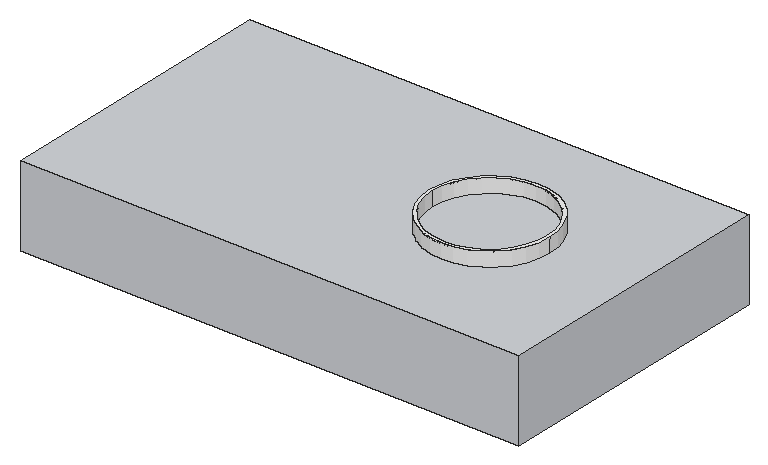
Revit family "Lighting-Recessed-Lucifer-Fraxion 3 Trimless Round", category Lighting Fixtures, host Face, Revit 2016
Family settings
  Host = Face
  Part Type = Normal
  Round Connector Dimension = Use Diameter
  Cut with Voids When Loaded = No
  Light Source = Yes
  Shared = No
  Room Calculation Point = No
Parameters (values of type "F3RTWW")
  Width = 7.50"
  Wattage = 9.2903 W
  built-in parameter 1150110 = 1 (stored number, unit not read)
  Voltage = 0 V
  URL = "https://www.luciferlighting.com/"
  built-in parameter 1114217 = 1 (stored number, unit not read)
  Tilt Angle = -90.00°
  built-in parameter 1150109 = 1 (stored number, unit not read)
  built-in parameter 1150134 = 3
  built-in parameter 1150113 = 1 (stored number, unit not read)
  Power Factor = 1
  Photometric Web File = "Load File"
  Number of Poles = 1
  built-in parameter 1150142 = (empty or 0)
  Model = "F3RTWW"
  Manufacturer = "Lucifer Lighting"
  built-in parameter 1150105 = 109.82 (stored number, unit not read)
  Lumens = 1380 lm
  built-in parameter 1150115 = 1 (stored number, unit not read)
  built-in parameter 1150137 = (empty or 0)
  built-in parameter 1150139 = (empty or 0)
  Length = 13.00"
  built-in parameter 1150112 = 1 (stored number, unit not read)
  built-in parameter 1150114 = 1 (stored number, unit not read)
  Lamp = "LED"
  built-in parameter 1150132 = (empty or 0)
  built-in parameter 1150102 = (empty or 0)
  built-in parameter 1150107 = 3200 (stored number, unit not read)
  built-in parameter 1150138 = (empty or 0)
  built-in parameter 1150106 = 1.0982 (stored number, unit not read)
  Height = 2.10"
  Emit from Circle Diameter = 3.00"
  Emit Shape Visible in Rendering = no
  built-in parameter 1150104 = 13.8 (stored number, unit not read)
  Dimming Lamp Color Temperature Shift = <None>
  Description = "Recessed LED Downlight Remodel"
  Default Elevation = 48.00"
  Color Filter = 16777215
  built-in parameter 1114218 = 1 (stored number, unit not read)
  built-in parameter 1150133 = 10 (stored number, unit not read)
  Apparent Load = 0 VA
Types (4): name | Width | Model | Length | Height
  (no name) | 7.50" | "F3RTWW" | 13.00" | 2.10"
  F3RTFS | 9.83439" | "F3RTFS" | 9.74169" | 6.70099"
  F3RTAS | 9.83439" | "F3RTAS" | 9.74169" | 6.70099"
  F3RTWW | 7.50" | "F3RTWW" | 13.00" | 2.10"
Reference planes (in)
  plane 1 "Center (Front/Back)": y = 0
  plane 2: z = 0
  plane 3 "Center (Left/Right)": x = 0
  plane 4: y = 1.4
  plane 5: y = -1.4
  plane 6: z = -2.1
  plane 7: x = 3.75
  plane 8: z = -0.46
Forms (in)
  Extrusion 1, solid
    sketch origin (-2.75, 0, 0) x (1, 0, 0) y (0, 1, 0)
      loop
        line (-6.5, 3.75) -> (-6.5, -3.75) -> (6.5, -3.75) -> (6.5, 3.75) -> (-6.5, 3.75)
    from -2.46701 to -0.36701
  Extrusion 2, solid, material "Trim Finish"
    sketch origin (0, 0, 0) x (1, 0, 0) y (0, 1, 0)
      loop
        circle (0, 0) r 1.5
      loop
        circle (0, 0) r 1.57657
    from -0.36701 to 0
  Extrusion 3, void
    sketch origin (0, 0, 0) x (1, 0, 0) y (0, 1, 0)
      loop
        circle (0, 0) r 1.5
    from -0.36701 to 0.05232
Dimensions and locks (in)
  equal spacing: plane 4, plane 1 "Center (Front/Back)", plane 5
  plane 4 to plane 5 = 2.80"
  "Length": Extrusion 1 sketch curve to Extrusion 1 sketch curve
  equal spacing: Extrusion 1 sketch curve, plane 1 "Center (Front/Back)", Extrusion 1 sketch curve
  "Width": Extrusion 1 sketch curve to Extrusion 1 sketch curve
  "Height": host face to plane 6
  plane 3 "Center (Left/Right)" to plane 7 = 3.75"
  host face to plane 8 = 0.46"
  Extrusion 1 to Extrusion 1 = 2.10"
  aligned and locked: plane 2 to host face
  aligned and locked: level to host face
  aligned and locked: Extrusion 2 to Extrusion 1
  aligned and locked: level to Extrusion 2
Automatic sketch dimensions
  host sketch curve to host sketch curve = 96.00"  (x2)
  Extrusion 2 sketch curve to Extrusion 2 sketch curve = 0.00"  (x2)
  plane 1 "Center (Front/Back)" to Extrusion 2 sketch curve = 0.00"
  Extrusion 2 sketch curve to plane 3 "Center (Left/Right)" = 0.00"
  plane 1 "Center (Front/Back)" to Extrusion 3 sketch curve = 0.00"
  Extrusion 3 sketch curve to plane 3 "Center (Left/Right)" = 0.00"
  Extrusion 1 sketch curve to plane 7 = 0.00"
  radius of Extrusion 2 sketch curve = 1.50"
  radius of Extrusion 2 sketch curve = 1.57657"
  radius of Extrusion 3 sketch curve = 1.50"
Connectors (in)
  electrical at (-2.75, 0, -2.46701), driven by "Number of Poles", driven by "Voltage", driven by "Apparent Load", driven by "Power Factor"
    settings: on Extrusion 1, index 1, voltage 0 V, apparent load 0 VA, apparent load phase1 0 VA, apparent load phase2 0 VA, apparent load phase3 0 VA, power factor 1, load classification "Other", number of poles 1, system type 31, power factor state 1, is connector primary yes, connector utility no, sub classification motor no, connector description ""
